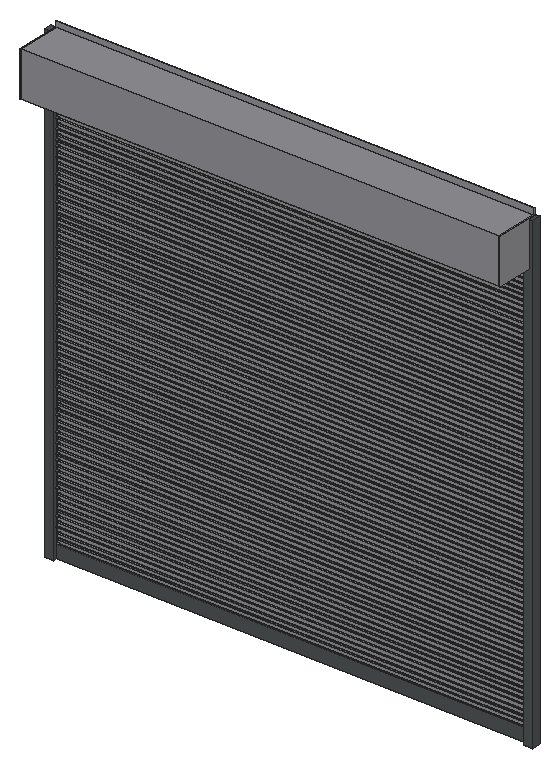
Revit family "Doors_Industrial_Overhead-Door-Corporation_Counter-Doors-650_", category Specialty Equipment, host Wall, Revit 2019
Family settings
  Host = Wall
  Round Connector Dimension = Use Diameter
  Part Type = Normal
  OmniClass Number = 23.30.10.21.34
  OmniClass Title = Industrial Doors
  Always vertical = Yes
  Cut with Voids When Loaded = Yes
  Shared = No
  Room Calculation Point = No
Parameters (values of type "‏​Manual push-up")
  Warning Sign [instance] = if(Calculated Area > 683.00 SF, 1 = 1, 1 = 2)  # no
  Warning (Note) [instance] = if(Warning Sign, "The Door Area is out of the limit; please adjust accordingly. The maximum allowed area is 683 sq. ft.", if(Opening Height > 360", "Headroom Clearance Dimensions - out of the limits. Consult Factory", " "))  # " "
  Wall Thickness [instance] = 6"
  Voltage = 0 V
  True Opening Width [instance] = if(Between Jambs Mounting, Door Width True, Clear Width)  # 120"
  True Opening Height [instance] = if(Between Jambs Mounting, Clear Height + Headroom Height, Clear Height)  # 108"
  Steel \ Stainless Steel Guide [instance] = not(Aluminum Guide)  # no
  Slat Type [instance] = "F-158"  # constant formula
  Slat Length [instance] = Clear Width + Setback  # 120 7/8"
  Slat Height [instance] = 10 41/128"  # constant formula
  Slat Center Offset [instance] = if(and(Electric Operator, Motor Option Real = 2), 1 1/16", if(Aluminum Guide, 1 1/16", 1 5/8"))  # 1 1/16"
  Slat [instance] = 1  # constant formula
  Setback [instance] = if(Between Jambs Mounting, if(and(Electric Operator, Motor Option Real = 2), 7/8" - 1/4", if(Aluminum Guide, 7/8" - 1/4", 1" - 3/8")), if(and(Electric Operator, Motor Option Real = 2), 7/8", if(Aluminum Guide, 7/8", 1")))  # 7/8"
  Product Page URL = "https://www.overheaddoor.com/counter-doors-650"
  Power Factor = 1
  Powder Coat (Note) = "PowderGuard® Premium powder coat finish options are available in approximately 200 colors as well as custom matching to specification. PowderGuard® Textured finish, a thicker, more scratch resistant coat, is available in 11 colors providing enhanced scratch resistance as well as aiding in hiding the dirt and blemishes that often occur in commercial environments.​"  # constant formula
  Operator Visibility = no
  Operation (Note) [instance] = "Standard door operation is manual push-up. Door could also operate by crank, electrical operator or chain hoist. Manual push up and crank could be used up to 80 sf."  # constant formula
  Opening Width Real [instance] = if(Opening Width > Max Opening Width, Max Opening Width, if(Opening Width < Min Opening Width, Min Opening Width, Opening Width))  # 120"
  Opening Width [instance] = 120"
  Opening Height Real [instance] = if(Opening Height > Max Opening Height, Max Opening Height, if(Opening Height < Min Opening Height, Min Opening Height, Opening Height))  # 108"
  Opening Height [instance] = 108"
  One Array element [instance] = not(Array Vis)  # no
  Number of Poles = 1
  Motor Type [instance] = if(Motor Option < 2, "CDX Electric Operator", if(Motor Option = 2, "RTM Electric Operator", "RSX Electric Operator"))  # "CDX Electric Operator"
  Motor Selection (Note) [instance] = "Generic operator shown. Contact Overhead Door when dimensions are critical. "  # constant formula
  Motor Position [instance] = if(Between Jambs Mounting, if(and(Electric Operator, Motor Option Real > 2), 2 177/256", Headplate Offset), if(and(Electric Operator, Motor Option Real > 2), 2 177/256", Headplate Offset))  # 1 5/8"
  Motor Option Real [instance] = if(Electric Operator, if(Motor Option < 1, 1, if(Motor Option > 3, 3, Motor Option)), 1)  # 1
  Motor Option [instance] = 1
  Min Opening Width [instance] = 40"  # constant formula
  Min Opening Height [instance] = 40"  # constant formula
  Max Opening Width [instance] = 240"  # constant formula
  Max Opening Height [instance] = 108"  # constant formula
  Material Finish [instance] = 650 : Standard - Gray
  Lookup Table = "Hood Dimensions"  # constant formula
  Lookup BD [instance] = if(or(Opening Height Real < 60", Opening Height Real = 60"), 9 1/2", 11 1/2")  # 11 1/2"
  Jambs Offset 2 [instance] = if(Between Jambs Mounting, Guide Width 2, 0")  # 0"
  Jamb Offset 1 [instance] = if(Between Jambs Mounting, Guide Width 1, 0")  # 0"
  Installation Real [instance] = if(Between Jambs Mounting, Installation Limits, Wall Thickness)  # 6"
  Installation Offset [instance] = 0"
  Installation Limits [instance] = if(Installation Offset < 0", 0", if(Installation Offset > Wall Thickness - Guide Depth, Wall Thickness - Guide Depth, Installation Offset))  # 0"
  Hood Type [instance] = "Square Hood"  # constant formula
  Hood Option [instance] = 2  # constant formula
  Hood Offset [instance] = 2"  # constant formula
  Hood Material [instance] = Metal - Overhead Door - Gray
  Hood Height [instance] = Headroom Height Real - Hood Offset  # 11 1/2"
  Lookup HH [instance] = if(or(Opening Height Real < 60", Opening Height Real = 60"), 9 1/2", 11 1/2")  # 11 1/2"
  Headroom Height Real [instance] = Lookup HH + Hood Offset  # 13 1/2"
  Headroom Height [instance] = if(Between Jambs Mounting, Headroom Height Real, Headroom Height Real + 1 1/2")  # 15"
  Headplate Offset [instance] = if(Guide Option = 1, 1 5/8", if(Guide Option = 2, 2 3/4", if(Guide Option = 3, 1 15/16", if(Guide Option = 4, 1 5/16", if(Guide Option = 5, 1 5/16", if(Guide Option = 6, 2 3/8", if(Guide Option = 7, 1 15/16", 2 7/16")))))))  # 1 5/8"
  Guide Type [instance] = if(Guide Option < 2, "Face of Wall Extruded Aluminum", if(Guide Option = 2, "Face of Wall Extruded Aluminum - RTM Electric Operator", if(Guide Option = 3, "Face of Wall Rolled Steel", if(Guide Option = 4, "Between Jambs Extruded Aluminum - Push Up", if(Guide Option = 5, "Between Jambs Extruded Aluminum - Crank & Electric Operator", if(Guide Option = 6, "Between Jambs Extruded Aluminum - RTM Electric Operator", if(Guide Option = 7, "Between Jambs Rolled Steel - Push-up", "Between Jambs Rolled Steel - Crank & Electric Operator")))))))  # "Face of Wall Extruded Aluminum"
  Guide Option [instance] = if(Face Of Wall Mounting, if(Aluminum Guide, if(and(Electric Operator, Motor Option = 2), 2, 1), if(and(Electric Operator, Motor Option = 2), 2, 3)), if(Aluminum Guide, if(Manual, 4, if(and(Electric Operator, Motor Option = 2), 6, 5)), if(Manual, 7, if(and(Electric Operator, Motor Option = 2), 6, 8))))  # 1
  Guide Width 2 [instance] = if(Guide Option < 2, 2 3/4", if(Guide Option = 2, 2 3/4", if(Guide Option = 3, 2 7/8", if(Guide Option = 4, 2 3/8", if(Guide Option = 5, 2 3/8", if(Guide Option = 6, 2 3/8", if(Guide Option = 7, 1 15/16", 1 15/16")))))))  # 2 3/4"
  Guide Width 1 [instance] = if(Guide Option < 2, 2 3/4", if(Guide Option = 2, 3 5/8", if(Guide Option = 3, 2 7/8", if(Guide Option = 4, 2 3/8", if(Guide Option = 5, 4 3/4", if(Guide Option = 6, 3 3/8", if(Guide Option = 7, 1 15/16", 5 5/8")))))))  # 2 3/4"
  Guide Depth [instance] = if(and(Electric Operator, Motor Option Real = 2), 2 1/8", if(Aluminum Guide, 2 1/8", 2"))  # 2 1/8"
  Frequency = 0 Hz
  Floor To CL shaft [instance] = Clear Height + Hood Height / 2 + Hood Offset  # 115 3/4"
  Face of Wall Offset [instance] = if(Between Jambs Mounting, 0", 5")  # 5"
  Face Of Wall Mounting [instance] = not(Between Jambs Mounting)  # yes
  Electric Operator = no
  Door Width True [instance] = if(Between Jambs Mounting, Clear Width + Guide Width 1 + Guide Width 2, Clear Width)  # 120"
  Door Width (Real) [instance] = if(Between Jambs Mounting, Clear Width, if(and(Electric Operator, Motor Option Real = 2), Clear Width + 3/8" * 2, if(Aluminum Guide, Clear Width + 3/8" * 2, Clear Width + 1" / 2)))  # 120 3/4"
  Door Height True [instance] = Clear Width + Headroom Height  # 135"
  Door Height (Real) [instance] = Clear Height + Hood Offset  # 110"
  URL = "https://www.overheaddoor.com/"
  Product data url = "https://www.bimobject.com/overhead-door/product/counter-doors-650"
  Product Guid = "c282057e-3d6c-4adc-834a-b2f015cb47e4"
  Model = "650"  # constant formula
  Manufacturer = "Overhead Door Corporation"  # constant formula
  Wall Closure = By host
  Floor To (CL) of Shaft [instance] = Clear Height + Hood Height / 2 + Hood Offset + Default Elevation Height + Countertop Thickness Real  # 151 3/4"
  Finish Material = Finish - Overhead Door - Black
  Description = "Model 650 Rolling Counter Door"  # constant formula
  Default Elevation Height [instance] = 36"
  Crank = no
  Countertop Thickness Real [instance] = if(Countertop Thickness < 0", 0", if(Countertop Thickness > 12", 12", Countertop Thickness))  # 0"
  Countertop Thickness [instance] = 0"
  Clear Width [instance] = if(Between Jambs Mounting, Opening Width Real - Guide Width 2 - Guide Width 1, Opening Width Real)  # 120"
  Clear Height [instance] = if(Between Jambs Mounting, Opening Height Real - Headroom Height, Opening Height Real)  # 108"
  Manual = yes
  Current = 0 A
  Connector Array Distance = 0"  # constant formula
  Connector Array = if(Manual, 2, 3)  # 2
  Between Jambs Mounting [instance] = no
  Bar [instance] = 1 = 1  # yes
  Backroom Depth [instance] = Lookup BD  # 11 1/2"
  BJ Opening Cut [instance] = if(Between Jambs Mounting, Headroom Height, 0")  # 0"
  Array Vis [instance] = if(Array < 2, 1 = 2, 1 = 1)  # yes
  Array Real [instance] = if(Array < 2, 2, Array)  # 11
  Array Length [instance] = (Array) * Slat Height  # 113 67/128"
  Array [instance] = rounddown(([Door Height (Real)] - 3 1/2") / Slat Height) + 1  # 11
  Calculated Area [instance] = [Door Width (Real)] * [Door Height (Real)]  # 92.2396 SF
  Apparent Load Phase 3 = if(Number of Poles = 1, 0 VA, (Voltage * Current * sqrt(3)) / 3)  # 0 VA
  Apparent Load Phase 2 = if(Number of Poles = 1, 0 VA, (Voltage * Current * sqrt(3)) / 3)  # 0 VA
  Apparent Load Phase 1 = if(Number of Poles = 1, Voltage * Current, (Voltage * Current * sqrt(3)) / 3)  # 0 VA
  Aluminum Guide [instance] = yes
Reference planes (in)
  plane 1 "Center (Front/Back)": y = -14.625
  plane 2 "Center (Left/Right)": x = 0
  plane 3 "Left": x = -60
  plane 4 "Right": x = 60
  plane 5 "Exterior": y = -8.625
  plane 6 "Interior": y = -14.625
  plane 7: z = 144
  plane 8 "Backroom Depth": y = -26.125
  plane 9 "Bottom Bar": z = 39.5
  plane 10: z = 153.02344
  plane 11: z = 157.5
  plane 12: z = 146
  plane 13: z = 159
  plane 14: z = 0
  plane 15: z = 90
  plane 16: y = -15.9375
  plane 17: y = 18.375
  plane 18: y = -41.625
  plane 19 "Headroom Top": z = 159
  plane 20: z = 151.75
  plane 21: z = 142.70312
  plane 22: z = 36
  plane 23: x = 62.75
  plane 24: x = -62.75
  plane 25: y = -15.6875
  plane 26: x = 61.625
  plane 27: z = 36
  plane 28: y = -15.9375
  plane 29: z = 39.5
  plane 30: y = -15.9375
  plane 31: z = 142.70312
  plane 32: y = -15.9375
  plane 33: z = 49.82031
  plane 34: y = -15.9375
  plane 35: z = 60.14062
  plane 36: y = -15.9375
  plane 37: z = 70.46094
  plane 38: y = -15.9375
  plane 39: z = 80.78125
  plane 40: y = -15.9375
  plane 41: z = 91.10156
  plane 42: y = -15.9375
  plane 43: z = 101.42187
  plane 44: y = -15.9375
  plane 45: z = 111.74219
  plane 46: y = -15.9375
  plane 47: z = 122.0625
  plane 48: y = -15.9375
  plane 49: z = 132.38281
Forms (in)
  Extrusion 1, void
    sketch origin (0, -20.625, 0) x (0, 0, -1) y (-1, 0, 0)
      loop
        line (-144, 60) -> (-144, -60) -> (-36, -60) -> (-36, 60) -> (-144, 60)
    from 6 to 12
Text (in)
  text "Exterior" at (-74.96733, 27.31104, 0), in view "Ref. Level"
  text "Interior" at (-74.96733, -25.14366, 0), in view "Ref. Level"
  text "Exterior" at (0, 40.15149, 123.01588), in view "Right"
  text "Interior" at (0, -64.39139, 123.01588), in view "Right"
  text "Interior" at (0, -31.01599, 123.00693), in view "Left"
  text "Exterior" at (0, 54.57065, 123.00693), in view "Left"
Dimensions and locks (in)
  equal spacing: plane 3 "Left", plane 2 "Center (Left/Right)", plane 4 "Right"
  "Clear Width": plane 3 "Left" to plane 4 "Right"
  level to host wall = 459.59655"
  "Array Length": plane 10 to plane 9 "Bottom Bar"
  "Backroom Depth": plane 8 "Backroom Depth" to plane 1 "Center (Front/Back)"
  "Hood Height": plane 11 to plane 12
  locked: plane 13 to plane 11 at 1.5
  "Installation Real": plane 1 "Center (Front/Back)" to plane 5 "Exterior"
  "Wall Thickness": host wall to host wall
  equal spacing: plane 17, host wall, plane 18
  locked: plane 17 to plane 18 at 60
  "BJ Opening Cut": Extrusion 1 sketch curve to plane 7
  "Hood Offset": plane 12 to plane 7
  "Headroom Height": plane 19 "Headroom Top" to plane 7
  "Floor To (CL) of Shaft": plane 20 to level
  "Jamb Offset 1": plane 4 "Right" to Extrusion 1 sketch curve
  "Jambs Offset 2": Extrusion 1 sketch curve to plane 3 "Left"
  "Slat Height": plane 10 to plane 21
  equal spacing: group 1, group 3, group 4, group 5, group 6, group 7, group 8, group 9, group 10, group 11, group 2  (x3)
  equal spacing: plane 7, plane 15, plane 22
  "Clear Height": plane 7 to plane 22
  locked: plane 9 "Bottom Bar" to plane 22 at 3.5
  "Guide Width 1": plane 4 "Right" to plane 23
  "Guide Width 2": plane 24 to plane 3 "Left"
  plane 24 to plane 23 = 125 1/2"
  "Slat Center Offset": plane 25 to plane 1 "Center (Front/Back)"
  locked: plane 16 to plane 25 at 0.25
  "Motor Position": plane 4 "Right" to plane 26
  "Default Elevation Height": plane 27 to plane 14
  "Countertop Thickness Real": plane 22 to plane 27
  aligned and locked: plane 5 "Exterior" to host wall
  aligned and locked: host wall to plane 6 "Interior"
  aligned and locked: Extrusion 1 to plane 5 "Exterior"
  aligned and locked: Extrusion 1 to plane 6 "Interior"
  aligned and locked: level to plane 14
  aligned and locked: plane 2 "Center (Left/Right)" to nested 1
  aligned and locked: nested 1 to plane 17
  aligned and locked: plane 18 to nested 2
  aligned and locked: nested 2 to plane 2 "Center (Left/Right)"
  aligned and locked: nested 3 to plane 15
  aligned and locked: plane 2 "Center (Left/Right)" to nested 3
  aligned and locked: plane 9 "Bottom Bar" to nested 5
  aligned and locked: nested 5 to plane 16
  aligned and locked: nested 3 to plane 16
  aligned and locked: plane 2 "Center (Left/Right)" to nested 15
  aligned and locked: plane 1 "Center (Front/Back)" to nested 15
  aligned and locked: plane 26 to nested 16
  aligned and locked: plane 11 to nested 16
  aligned and locked: nested 16 to plane 5 "Exterior"
  aligned and locked: Extrusion 1 sketch curve to plane 27
  aligned and locked: plane 9 "Bottom Bar" to plane 29
  aligned and locked: plane 28 to plane 16
  aligned and locked: plane 21 to plane 31
  aligned and locked: plane 30 to plane 16
Nested families (in)
  nested 1: "Label Annotation 1" at (0, 18.375, 0), visible <- "Warning Sign", type "Label Annotation 1"
  nested 2: "Label Annotation 1" at (0, -41.625, 0) x (-1, 0, 0) z (0, 0, 1), visible <- "Warning Sign", type "Label Annotation 1"
  nested 3: "Warning Sign" at (0, -15.9375, 90), visible <- "Warning Sign", type "Warning Sign"
    with Warning Sign no
  nested 4: "650" at (0, -15.937, 39.5), Opening Width <- "Slat Length", type <- "Material Finish", visible <- "Array Vis", type "Standard - Gray"
    with Void Offset 1", Void Height 1", Slat Width 1/2", Slat Position + Offset 9.57", Slat Position 9.03", Slat Option 1, Opening Width 120 7/8", Integrated Cutout no, F-158 yes, F 265, FE 265 no, Cutout Width Offset 1", Cutout Vertical Offset 0.54", Cutout Horizontal Offset 1", C 275 no
  nested 5: "650" at (0, -15.9375, 39.5), visible <- "One Array element", Opening Width <- "Slat Length", type <- "Material Finish", type "Standard - Gray"
    with Void Offset 1", Void Height 1", Slat Width 1/2", Slat Position + Offset 9.57", Slat Position 9.03", Slat Option 1, Opening Width 120 7/8", Integrated Cutout no, F-158 yes, F 265, FE 265 no, Cutout Width Offset 1", Cutout Vertical Offset 0.54", Cutout Horizontal Offset 1", C 275 no
  nested 6: "650" at (0, -15.937, 142.70312), Opening Width <- "Slat Length", type <- "Material Finish", visible <- "Array Vis", type "Standard - Gray"
    with Void Offset 1", Void Height 1", Slat Width 1/2", Slat Position + Offset 9.57", Slat Position 9.03", Slat Option 1, Opening Width 120 7/8", Integrated Cutout no, F-158 yes, F 265, FE 265 no, Cutout Width Offset 1", Cutout Vertical Offset 0.54", Cutout Horizontal Offset 1", C 275 no
  nested 7: "650" at (0, -15.937, 49.82031), Opening Width <- "Slat Length", type <- "Material Finish", visible <- "Array Vis", type "Standard - Gray"
    with Void Offset 1", Void Height 1", Slat Width 1/2", Slat Position + Offset 9.57", Slat Position 9.03", Slat Option 1, Opening Width 120 7/8", Integrated Cutout no, F-158 yes, F 265, FE 265 no, Cutout Width Offset 1", Cutout Vertical Offset 0.54", Cutout Horizontal Offset 1", C 275 no
  nested 8: "650" at (0, -15.937, 60.14062), Opening Width <- "Slat Length", type <- "Material Finish", visible <- "Array Vis", type "Standard - Gray"
    with Void Offset 1", Void Height 1", Slat Width 1/2", Slat Position + Offset 9.57", Slat Position 9.03", Slat Option 1, Opening Width 120 7/8", Integrated Cutout no, F-158 yes, F 265, FE 265 no, Cutout Width Offset 1", Cutout Vertical Offset 0.54", Cutout Horizontal Offset 1", C 275 no
  nested 9: "650" at (0, -15.937, 70.46094), Opening Width <- "Slat Length", type <- "Material Finish", visible <- "Array Vis", type "Standard - Gray"
    with Void Offset 1", Void Height 1", Slat Width 1/2", Slat Position + Offset 9.57", Slat Position 9.03", Slat Option 1, Opening Width 120 7/8", Integrated Cutout no, F-158 yes, F 265, FE 265 no, Cutout Width Offset 1", Cutout Vertical Offset 0.54", Cutout Horizontal Offset 1", C 275 no
  nested 10: "650" at (0, -15.937, 80.78125), Opening Width <- "Slat Length", type <- "Material Finish", visible <- "Array Vis", type "Standard - Gray"
    with Void Offset 1", Void Height 1", Slat Width 1/2", Slat Position + Offset 9.57", Slat Position 9.03", Slat Option 1, Opening Width 120 7/8", Integrated Cutout no, F-158 yes, F 265, FE 265 no, Cutout Width Offset 1", Cutout Vertical Offset 0.54", Cutout Horizontal Offset 1", C 275 no
  nested 11: "650" at (0, -15.937, 91.10156), Opening Width <- "Slat Length", type <- "Material Finish", visible <- "Array Vis", type "Standard - Gray"
    with Void Offset 1", Void Height 1", Slat Width 1/2", Slat Position + Offset 9.57", Slat Position 9.03", Slat Option 1, Opening Width 120 7/8", Integrated Cutout no, F-158 yes, F 265, FE 265 no, Cutout Width Offset 1", Cutout Vertical Offset 0.54", Cutout Horizontal Offset 1", C 275 no
  nested 12: "650" at (0, -15.937, 101.42187), Opening Width <- "Slat Length", type <- "Material Finish", visible <- "Array Vis", type "Standard - Gray"
    with Void Offset 1", Void Height 1", Slat Width 1/2", Slat Position + Offset 9.57", Slat Position 9.03", Slat Option 1, Opening Width 120 7/8", Integrated Cutout no, F-158 yes, F 265, FE 265 no, Cutout Width Offset 1", Cutout Vertical Offset 0.54", Cutout Horizontal Offset 1", C 275 no
  nested 13: "650" at (0, -15.937, 111.74219), Opening Width <- "Slat Length", type <- "Material Finish", visible <- "Array Vis", type "Standard - Gray"
    with Void Offset 1", Void Height 1", Slat Width 1/2", Slat Position + Offset 9.57", Slat Position 9.03", Slat Option 1, Opening Width 120 7/8", Integrated Cutout no, F-158 yes, F 265, FE 265 no, Cutout Width Offset 1", Cutout Vertical Offset 0.54", Cutout Horizontal Offset 1", C 275 no
  nested 14: "650" at (0, -15.937, 122.0625), Opening Width <- "Slat Length", type <- "Material Finish", visible <- "Array Vis", type "Standard - Gray"
    with Void Offset 1", Void Height 1", Slat Width 1/2", Slat Position + Offset 9.57", Slat Position 9.03", Slat Option 1, Opening Width 120 7/8", Integrated Cutout no, F-158 yes, F 265, FE 265 no, Cutout Width Offset 1", Cutout Vertical Offset 0.54", Cutout Horizontal Offset 1", C 275 no
  nested 15: "Lifts" at (0, -14.625, 36) x (-1, 0, 0) z (0, 0, 1), type "Frame Unit"
    with Floor To (CL) of Shaft 115 3/4", Headroom Height 13 1/2", Header Width 11 1/2"
  nested 16: "Motor" at (58.6355, -26.125, 146), visible <- "Operator Visibility", type "Trolley Motor"
  nested 17: "650" at (0, -15.937, 132.38281), Opening Width <- "Slat Length", type <- "Material Finish", visible <- "Array Vis", type "Standard - Gray"
    with Void Offset 1", Void Height 1", Slat Width 1/2", Slat Position + Offset 9.57", Slat Position 9.03", Slat Option 1, Opening Width 120 7/8", Integrated Cutout no, F-158 yes, F 265, FE 265 no, Cutout Width Offset 1", Cutout Vertical Offset 0.54", Cutout Horizontal Offset 1", C 275 no
Connectors (in)
  electrical at (61.625, -20.375, 151.75), driven by "Apparent Load Phase 1", driven by "Power Factor", driven by "Apparent Load Phase 3", driven by "Apparent Load Phase 2", driven by "Voltage", driven by "Number of Poles"
    settings: on nested 16, index 1, voltage 0 V, apparent load 0 VA, apparent load phase1 0 VA, apparent load phase2 0 VA, apparent load phase3 0 VA, power factor 1, load classification "Other", number of poles 1, system type 31, power factor state 1, is connector primary yes, connector utility no, sub classification motor no, connector description "Electrical Connector"
Definition of nested family "650"
  Parameters (values of type "Perforated - Gray")
    Void Offset [instance] = if(Integrated Cutout, 0", 1")  # 1"
    Void Height [instance] = 1"  # constant formula
    Standard = no
    Slat Width [instance] = 1/2"  # constant formula
    Slat Position + Offset [instance] = Slat Position + Cutout Vertical Offset  # 9.57"
    Slat Position [instance] = 1.29" * 7  # 9.03"
    Slat Option [instance] = 1
    Rough Height = 0"
    Perforation = no
    Fenestration Small = no
    Fenestration Large = 1 = 2  # no
    Cutout Width Offset [instance] = 1"  # constant formula
    Cutout Material 2 = none
    Cutout Horizontal Offset [instance] = 1"  # constant formula
    Cutout Material = none
    Panel Material = none
    Opening Width [instance] = 123 5/8"
    Cutout Vertical Offset [instance] = 0.54"  # constant formula
    F 265, FE 265 [instance] = 1 = 2  # no
    Default Elevation = 48"
    Integrated Cutout [instance] = if(or(Perforation, Fenestration Small), 1 = 1, 1 = 2)  # no
    C 275 [instance] = 1 = 2  # no
    F-158 [instance] = 1 = 1  # yes
    Analytic Construction = "<None>"
  Types (7): name | Void Offset | Standard | Fenestration Small | Integrated Cutout
    Standard - Tan | 1" | yes | no | no
    Standard - Gray | 1" | yes | no | no
    Perforated - Gray | 1" | no | no | no
    Fenestration 0.625”x3” - Gray | 0" | no | yes | yes
    Fenestration 0.625”x3” - Tan | 0" | no | yes | yes
    Vision lites 0.625”x3” - Tan | 0" | no | yes | yes
    Vision lites 0.625”x3” - Gray | 0" | no | yes | yes
  Reference planes (in)
    plane 1 "Center (Front/Back)": y = 0
    plane 2: z = 0
    plane 3 "Center (Left/Right)": x = 0
    plane 4: x = -61.8125
    plane 5: x = 61.8125
    plane 6: y = 0.5
    plane 7: y = 0
    plane 8: y = 0.25
    plane 9: y = 0.47
    plane 10: x = -60.8125
    plane 11: x = 60.8125
  Forms (in)
    Extrusion 1, solid, material <- "Panel Material", visible <- "F-158"
      sketch origin (0, -4.98186, 13.12534) x (0, 1, 0) y (0, 0, 1)
        loop
          arc (5.40186, -13.23015) -> (5.45843, -13.20672) -> (5.48186, -13.15015) r 0.08
          line (5.48186, -13.15015) -> (5.48186, -12.01975)
          arc (5.48186, -12.01975) -> (5.45843, -11.96318) -> (5.40186, -11.94015) r 0.08
          arc (5.40186, -11.94015) -> (5.45843, -11.91672) -> (5.48186, -11.86015) r 0.08
          line (5.48186, -11.86015) -> (5.48186, -10.72975)
          arc (5.48186, -10.72975) -> (5.45843, -10.67318) -> (5.40186, -10.65015) r 0.08
          arc (5.40186, -10.65015) -> (5.45843, -10.62672) -> (5.48186, -10.57015) r 0.08
          line (5.48186, -10.57015) -> (5.48186, -9.43975)
          arc (5.48186, -9.43975) -> (5.45843, -9.38318) -> (5.40186, -9.36015) r 0.08
          arc (5.40186, -9.36015) -> (5.45843, -9.33672) -> (5.48186, -9.28015) r 0.08
          line (5.48186, -9.28015) -> (5.48186, -8.14975)
          arc (5.48186, -8.14975) -> (5.45843, -8.09318) -> (5.40186, -8.07015) r 0.08
          arc (5.40186, -8.07015) -> (5.45843, -8.04672) -> (5.48186, -7.99015) r 0.08
          line (5.48186, -7.99015) -> (5.48186, -6.85975)
          arc (5.48186, -6.85975) -> (5.45843, -6.80318) -> (5.40186, -6.78015) r 0.08
          arc (5.40186, -6.78015) -> (5.45843, -6.75672) -> (5.48186, -6.70015) r 0.08
          line (5.48186, -6.70015) -> (5.48186, -5.56975)
          arc (5.48186, -5.56975) -> (5.45843, -5.51318) -> (5.40186, -5.49015) r 0.08
          arc (5.40186, -5.49015) -> (5.45843, -5.46672) -> (5.48186, -5.41015) r 0.08
          line (5.48186, -5.41015) -> (5.48186, -4.27975)
          arc (5.48186, -4.27975) -> (5.45843, -4.22318) -> (5.40186, -4.20015) r 0.08
          arc (5.40186, -4.20015) -> (5.45843, -4.17672) -> (5.48186, -4.12015) r 0.08
          line (5.48186, -4.12015) -> (5.48186, -2.98975)
          arc (5.48186, -2.98975) -> (5.45843, -2.93318) -> (5.40186, -2.90975) r 0.08
          line (5.40186, -2.90975) -> (5.22937, -2.90975)
          arc (5.22937, -2.90975) -> (5.05999, -2.70129) -> (5.06854, -2.96975) r 0.14173
          line (5.06854, -2.96975) -> (5.38631, -2.96975)
          arc (5.38631, -2.96975) -> (5.41145, -2.98016) -> (5.42186, -3.0053) r 0.03555
          line (5.42186, -3.0053) -> (5.42186, -4.11914)
          arc (5.42186, -4.11914) -> (5.41437, -4.13549) -> (5.39767, -4.14216) r 0.02421
          line (5.39767, -4.14216) -> (5.18922, -4.14216)
          arc (5.18922, -4.14216) -> (4.99446, -4.11507) -> (5.12739, -4.25997) r 0.10448
          line (5.12739, -4.25997) -> (5.40191, -4.25997)
          arc (5.40191, -4.25997) -> (5.41598, -4.26579) -> (5.4218, -4.27986) r 0.01989
          line (5.4218, -4.27986) -> (5.4218, -5.41015)
          arc (5.4218, -5.41015) -> (5.41596, -5.42428) -> (5.40183, -5.43013) r 0.01997
          line (5.40183, -5.43013) -> (5.18937, -5.43013)
          arc (5.18937, -5.43013) -> (4.99364, -5.40454) -> (5.12735, -5.54975) r 0.105
          line (5.12735, -5.54975) -> (5.40186, -5.54975)
          arc (5.40186, -5.54975) -> (5.416, -5.55561) -> (5.42186, -5.56975) r 0.02
          line (5.42186, -5.56975) -> (5.42186, -6.70015)
          arc (5.42186, -6.70015) -> (5.416, -6.71429) -> (5.40186, -6.72015) r 0.02
          line (5.40186, -6.72015) -> (5.18937, -6.72015)
          arc (5.18937, -6.72015) -> (4.99365, -6.69454) -> (5.12735, -6.83975) r 0.105
          line (5.12735, -6.83975) -> (5.40186, -6.83975)
          arc (5.40186, -6.83975) -> (5.416, -6.84561) -> (5.42186, -6.85975) r 0.02
          line (5.42186, -6.85975) -> (5.42186, -7.99015)
          arc (5.42186, -7.99015) -> (5.416, -8.00429) -> (5.40186, -8.01015) r 0.02
          line (5.40186, -8.01015) -> (5.18937, -8.01015)
          arc (5.18937, -8.01015) -> (4.99364, -7.98454) -> (5.12735, -8.12975) r 0.105
          line (5.12735, -8.12975) -> (5.40186, -8.12975)
          arc (5.40186, -8.12975) -> (5.416, -8.13561) -> (5.42186, -8.14975) r 0.02
          line (5.42186, -8.14975) -> (5.42186, -9.28015)
          arc (5.42186, -9.28015) -> (5.416, -9.29429) -> (5.40186, -9.30015) r 0.02
          line (5.40186, -9.30015) -> (5.18937, -9.30015)
          arc (5.18937, -9.30015) -> (4.99364, -9.27454) -> (5.12735, -9.41975) r 0.105
          line (5.12735, -9.41975) -> (5.40186, -9.41975)
          arc (5.40186, -9.41975) -> (5.416, -9.42561) -> (5.42186, -9.43975) r 0.02
          line (5.42186, -9.43975) -> (5.42186, -10.57015)
          arc (5.42186, -10.57015) -> (5.416, -10.58429) -> (5.40186, -10.59015) r 0.02
          line (5.40186, -10.59015) -> (5.18937, -10.59015)
          arc (5.18937, -10.59015) -> (4.99364, -10.56454) -> (5.12735, -10.70975) r 0.105
          line (5.12735, -10.70975) -> (5.40186, -10.70975)
          arc (5.40186, -10.70975) -> (5.416, -10.71561) -> (5.42186, -10.72975) r 0.02
          line (5.42186, -10.72975) -> (5.42186, -11.86015)
          arc (5.42186, -11.86015) -> (5.416, -11.87429) -> (5.40186, -11.88015) r 0.02
          line (5.40186, -11.88015) -> (5.18937, -11.88015)
          arc (5.18937, -11.88015) -> (4.99364, -11.85454) -> (5.12735, -11.99975) r 0.105
          line (5.12735, -11.99975) -> (5.40186, -11.99975)
          arc (5.40186, -11.99975) -> (5.416, -12.00561) -> (5.42186, -12.01975) r 0.02
          line (5.42186, -12.01975) -> (5.42186, -13.15015)
          arc (5.42186, -13.15015) -> (5.416, -13.16429) -> (5.40186, -13.17015) r 0.02
          line (5.40186, -13.17015) -> (5.18153, -13.17015)
          arc (5.18153, -13.17015) -> (5.03054, -13.03641) -> (5.08666, -13.23015) r 0.105
          line (5.08666, -13.23015) -> (5.40186, -13.23015)
      from -61.8125 to 61.8125
    Extrusion 2, void
      sketch origin (0, 0, 0) x (0, 1, 0) y (0, 0, 1)
        loop
          line (1.44, 1.04) -> (1.44, 0.04) -> (1.5, 0.04) -> (1.5, 1.04) -> (1.44, 1.04)
        loop
          line (1.44, 2.33) -> (1.44, 1.33) -> (1.5, 1.33) -> (1.5, 2.33) -> (1.44, 2.33)
        loop
          line (1.44, 3.62) -> (1.44, 2.62) -> (1.5, 2.62) -> (1.5, 3.62) -> (1.44, 3.62)
        loop
          line (1.44, 4.91) -> (1.44, 3.91) -> (1.5, 3.91) -> (1.5, 4.91) -> (1.44, 4.91)
        loop
          line (1.44, 6.2) -> (1.44, 5.2) -> (1.5, 5.2) -> (1.5, 6.2) -> (1.44, 6.2)
        loop
          line (1.44, 7.49) -> (1.44, 6.49) -> (1.5, 6.49) -> (1.5, 7.49) -> (1.44, 7.49)
        loop
          line (1.44, 8.78) -> (1.44, 7.78) -> (1.5, 7.78) -> (1.5, 8.78) -> (1.44, 8.78)
        loop
          line (1.44, 10.07) -> (1.44, 9.07) -> (1.5, 9.07) -> (1.5, 10.07) -> (1.44, 10.07)
      from -60.8125 to 60.8125
  Cuts and joins
    Extrusion 2 cuts Extrusion 1
  Lines and regions (in)
    reference lines
      curve 1: line (0, -4.98186, 12.78) -> (0, 9.9577, 12.78)
      curve 2: line (0, -2.86663, 9.57) -> (0, 7.60337, 9.57)
      curve 3: line (0, -2.86663, 5.7) -> (0, 7.60337, 5.7)
      curve 4: line (0, -2.86663, 4.41) -> (0, 7.60337, 4.41)
      curve 5: line (0, -2.86663, 3.12) -> (0, 7.60337, 3.12)
      curve 6: line (0, -2.86663, 0.54) -> (0, 7.60337, 0.54)
      curve 7: line (0, -2.86663, 1.83) -> (0, 7.60337, 1.83)
      curve 8: line (0, -2.86663, 6.99) -> (0, 7.60337, 6.99)
      curve 9: line (0, -2.86663, 8.28) -> (0, 7.60337, 8.28)
  Dimensions and locks (in)
    equal spacing: plane 4, plane 3 "Center (Left/Right)", plane 5
    "Opening Width": plane 4 to plane 5
    "Slat Width": plane 1 "Center (Front/Back)" to plane 6
    equal spacing: plane 1 "Center (Front/Back)", plane 8, plane 6
    locked: plane 9 to plane 6 at 0.03
    "Cutout Width Offset": plane 4 to plane 10
    "Cutout Width Offset": plane 5 to plane 11
    "Void Height": Extrusion 2 sketch curve to Extrusion 2 sketch curve  (x8)
    locked: Extrusion 2 sketch curve to Extrusion 2 sketch curve at 0.06  (x8)
    "Void Offset": plane 6 to Extrusion 2 sketch curve
    locked: curve 1 to level at 12.78
    "Slat Position": curve 6 to curve 2
    equal spacing: Extrusion 2 sketch curve, curve 3, Extrusion 2 sketch curve
    equal spacing: Extrusion 2 sketch curve, curve 4, Extrusion 2 sketch curve
    equal spacing: Extrusion 2 sketch curve, curve 6, Extrusion 2 sketch curve
    equal spacing: Extrusion 2 sketch curve, curve 5, Extrusion 2 sketch curve
    equal spacing: Extrusion 2 sketch curve, curve 7, Extrusion 2 sketch curve
    "Cutout Vertical Offset": curve 6 to plane 2
    equal spacing: curve 6, curve 7, curve 5, curve 4, curve 3, curve 8, curve 9, curve 2
    equal spacing: Extrusion 2 sketch curve, curve 9, Extrusion 2 sketch curve
    equal spacing: Extrusion 2 sketch curve, curve 8, Extrusion 2 sketch curve
    equal spacing: Extrusion 2 sketch curve, curve 2, Extrusion 2 sketch curve
    aligned and locked: plane 2 to level
    aligned and locked: plane 1 "Center (Front/Back)" to plane 7
    aligned and locked: plane 5 to Extrusion 1
    aligned and locked: plane 4 to Extrusion 1
    aligned and locked: plane 9 to nested 1
    aligned and locked: plane 3 "Center (Left/Right)" to nested 1
    aligned and locked: Extrusion 2 sketch curve to Extrusion 2 sketch curve  (x7)
    aligned and locked: plane 10 to Extrusion 2
    aligned and locked: plane 11 to Extrusion 2
    aligned and locked: plane 3 "Center (Left/Right)" to nested 2
    aligned and locked: plane 3 "Center (Left/Right)" to nested 3
    aligned and locked: plane 3 "Center (Left/Right)" to nested 4
    aligned and locked: plane 3 "Center (Left/Right)" to nested 5
    aligned and locked: plane 9 to nested 2
    aligned and locked: plane 9 to nested 3
    aligned and locked: plane 9 to nested 4
    aligned and locked: plane 9 to nested 5
    aligned and locked: plane 9 to nested 6
    aligned and locked: plane 9 to nested 7
    aligned and locked: plane 9 to nested 8
    aligned and locked: nested 8 to curve 2
    aligned and locked: nested 7 to curve 9
    aligned and locked: nested 6 to curve 8
    aligned and locked: plane 3 "Center (Left/Right)" to nested 8
    aligned and locked: plane 3 "Center (Left/Right)" to nested 7
    aligned and locked: plane 3 "Center (Left/Right)" to nested 6
  Automatic sketch dimensions
    plane 1 "Center (Front/Back)" to curve 1 = 4.98186"
    plane 1 "Center (Front/Back)" to curve 9 = 2.86663"
    curve 2 to curve 9 = 0"
    plane 1 "Center (Front/Back)" to curve 7 = 2.86663"
    curve 3 to curve 9 = 0"
    curve 6 to curve 7 = 0"
    curve 4 to curve 3 = 0"  (x2)
    curve 8 to curve 3 = 0"  (x2)
    curve 5 to curve 4 = 0"  (x2)
    curve 3 to plane 6 = 7.10337"
    curve 6 to curve 3 = 0"
    curve 2 to curve 3 = 0"
    curve 7 to curve 6 = 0"
    curve 9 to curve 8 = 0"
    curve 2 to curve 1 = 2.35433"
    Extrusion 1 sketch curve to Extrusion 1 sketch curve = 0"  (x30)
    Extrusion 1 sketch curve to plane 6 = 0"  (x8)
    plane 9 to Extrusion 1 sketch curve = 0.03"  (x7)
    plane 9 to Extrusion 1 sketch curve = 0.03006"
    Extrusion 1 sketch curve to Extrusion 1 sketch curve = 0.02419"
    Extrusion 1 sketch curve to Extrusion 1 sketch curve = 0.01989"
    Extrusion 1 sketch curve to Extrusion 1 sketch curve = 0.02"  (x11)
    plane 9 to Extrusion 1 sketch curve = 0.05"  (x2)
    Extrusion 1 sketch curve to Extrusion 1 sketch curve = 0.00419"
    Extrusion 1 sketch curve to Extrusion 1 sketch curve = 0.00005"
    Extrusion 1 sketch curve to Extrusion 1 sketch curve = 0.01994"
    Extrusion 1 sketch curve to Extrusion 1 sketch curve = 0.00003"
    Extrusion 1 sketch curve to Extrusion 1 sketch curve = 0.01555"  (x2)
    plane 8 to Extrusion 1 sketch curve = 0.04249"  (x6)
    plane 8 to Extrusion 1 sketch curve = 0.04264"
    plane 8 to Extrusion 1 sketch curve = 0.05033"
    plane 8 to Extrusion 1 sketch curve = 0.10447"
    plane 8 to Extrusion 1 sketch curve = 0.10451"  (x6)
    Extrusion 1 sketch curve to Extrusion 1 sketch curve = 0.04042"
    Extrusion 1 sketch curve to plane 1 "Center (Front/Back)" = 0.105"  (x4)
    Extrusion 1 sketch curve to Extrusion 1 sketch curve = 0.04049"
    Extrusion 1 sketch curve to Extrusion 1 sketch curve = 0.10251"
    level to Extrusion 1 sketch curve = 0.0002"
    Extrusion 1 sketch curve to plane 1 "Center (Front/Back)" = 0.1048"
    level to Extrusion 1 sketch curve = 1.10559"
    Extrusion 1 sketch curve to Extrusion 1 sketch curve = 0.09688"  (x6)
    Extrusion 1 sketch curve to Extrusion 1 sketch curve = 1.13039"  (x5)
    Extrusion 1 sketch curve to Extrusion 1 sketch curve = 0.01997"
    Extrusion 1 sketch curve to Extrusion 1 sketch curve = 1.13029"
    Extrusion 1 sketch curve to Extrusion 1 sketch curve = 0.00011"
    Extrusion 1 sketch curve to Extrusion 1 sketch curve = 0.09634"
    Extrusion 1 sketch curve to Extrusion 1 sketch curve = 0.02202"
    Extrusion 1 sketch curve to Extrusion 1 sketch curve = 0.001"
    Extrusion 1 sketch curve to Extrusion 1 sketch curve = 1.11265"
    Extrusion 1 sketch curve to Extrusion 1 sketch curve = 0.07567"
    plane 8 to Extrusion 1 sketch curve = 0.00249"
    Extrusion 1 sketch curve to plane 1 "Center (Front/Back)" = 0.08668"
  Nested families (in)
    nested 1: "Perforation" at (0, 0.47, 0.54), visible <- "Integrated Cutout", type "Perforation"
      with Offset 1"
    nested 2: "Perforation" at (0, 0.47, 1.83), visible <- "Integrated Cutout", type "Perforation"
      with Offset 1"
    nested 3: "Perforation" at (0, 0.47, 3.12), visible <- "Integrated Cutout", type "Perforation"
      with Offset 1"
    nested 4: "Perforation" at (0, 0.47, 4.41), visible <- "Integrated Cutout", type "Perforation"
      with Offset 1"
    nested 5: "Perforation" at (0, 0.47, 5.7), visible <- "Integrated Cutout", type "Perforation"
      with Offset 1"
    nested 6: "Perforation" at (0, 0.47, 6.99), visible <- "Integrated Cutout", type "Perforation"
      with Offset 1"
    nested 7: "Perforation" at (0, 0.47, 8.28), visible <- "Integrated Cutout", type "Perforation"
      with Offset 1"
    nested 8: "Perforation" at (0, 0.47, 9.57), visible <- "Integrated Cutout", type "Perforation"
      with Offset 1"
  Definition of nested family "Perforation"
    Parameters (values of type "Perforation")
      Perforation = none
      Opening Width = 123 5/8"
      Offset = 2"
      Height = 1"
      Default Elevation = 48"
    Reference planes (in)
      plane 1 "Center (Front/Back)": y = 0
      plane 2: z = 0
      plane 3 "Center (Left/Right)": x = 0
      plane 4: z = 0.5
      plane 5: z = -0.5
      plane 6: y = -0.03
      plane 7: y = 0.03
      plane 8: x = -61.8125
      plane 9: x = 61.8125
      plane 10: x = -59.8125
      plane 11: x = 59.8125
    Forms (in)
      Extrusion 1, solid, material <- "Perforation"
        sketch origin (0, -0.19, 0) x (0, 1, 0) y (0, 0, 1)
          loop
            line (0.16, 0.5) -> (0.16, -0.5) -> (0.22, -0.5) -> (0.22, 0.5) -> (0.16, 0.5)
        from -59.8125 to 59.8125
    Dimensions and locks (in)
      equal spacing: plane 4, level, plane 5
      "Height": plane 4 to plane 5
      equal spacing: plane 6, plane 1 "Center (Front/Back)", plane 7
      locked: plane 6 to plane 7 at 0.06
      "Opening Width": plane 8 to plane 9
      "Offset": plane 8 to plane 10
      "Offset": plane 9 to plane 11
      equal spacing: plane 8, plane 3 "Center (Left/Right)", plane 9
      aligned and locked: plane 2 to level
      aligned and locked: plane 4 to Extrusion 1
      aligned and locked: Extrusion 1 to plane 5
      aligned and locked: plane 6 to Extrusion 1
      aligned and locked: plane 7 to Extrusion 1
      aligned and locked: Extrusion 1 to plane 10
      aligned and locked: plane 11 to Extrusion 1
    Automatic sketch dimensions
      Extrusion 1 sketch curve to level = 1/2"
      plane 1 "Center (Front/Back)" to Extrusion 1 sketch curve = 0.03"
      Extrusion 1 sketch curve to plane 1 "Center (Front/Back)" = 0.03"
      plane 4 to Extrusion 1 sketch curve = 0"
Definition of nested family "Lifts"
  Parameters (values of type "Frame Unit")
    Wall Opening Offset = 2"  # constant formula
    Void Offset = if(Steel Guide Real, 0", 1/4")  # 1/4"
    Steel Guide Real = if(and(Electric Operator, Motor Option = 2), 1 = 2, Steel Guide)  # no
    Steel Guide = no
    Slat Center = if(Aluminum Guide Real, 1.063", 1 5/8")  # 1.063"
    Slat Material = none
    Rough Width = 0"
    Rough Height = 0"
    Rolled Setback = if(Between Jambs, 0", 1/4")  # 1/4"
    Rolled Guide Change = if(Guide Option = 8, 5 5/8", 1.938")  # 1.938"
    Opening Width = 120"
    Motor Type = if(Motor Option < 2, "CDX Operator", if(Motor Option = 2, "RTM Operator", if(Motor Option = 3, "RSX Operator", "RMX Operator")))  # "CDX Operator"
    Motor Option = 1
    Manual + Crank = if(or(Manual, Crank), 1 = 1, 1 = 2)  # yes
    Manual = yes
    Hood Material = none
    Headroom Height = 24"
    Headplate 2 Offset = if(Guide Option = 1, 1 5/8", if(Guide Option = 2, 1 5/8", if(Guide Option = 3, 1.938", if(Guide Option = 4, 1.313", if(Guide Option = 5, 1.313", if(Guide Option = 6, 1 1/2", if(Guide Option = 7, 1.938", 1.938")))))))  # 1 5/8"
    Headplate 1 Offset = if(Guide Option = 1, 1 5/8", if(Guide Option = 2, 2 3/4", if(Guide Option = 3, 1.938", if(Guide Option = 4, 1.313", if(Guide Option = 5, 1.313", if(Guide Option = 6, 2 3/8", if(Guide Option = 7, 1.938", 2.438")))))))  # 1 5/8"
    Header Width = 24"
    Opening Height = 108"
    Guide Type = if(Guide Option < 2, "Face to Wall Extruded Aluminum", if(Guide Option = 2, "Face to Wall Extruded Aluminum - RTM Operator", if(Guide Option = 3, "Face to Wall Rolled Steel", if(Guide Option = 4, "Between Jambs Extruded Aluminum - Push Up", if(Guide Option = 5, "Between Jambs Extruded Aluminum - Crank + Operator", if(Guide Option = 6, "Between Jambs Extruded Aluminum - RTM Operator", if(Guide Option = 7, "Between Jambs Rolled Steel - Push-up", "Between Jambs Rolled Steel - Crank + Operator")))))))  # "Face to Wall Extruded Aluminum"
    Guide Option = if(Face Of Wall Mounting, if(Aluminum Guide, if(and(Electric Operator, Motor Option = 2), 2, 1), if(and(Electric Operator, Motor Option = 2), 2, 3)), if(Aluminum Guide, if(Manual, 4, if(and(Electric Operator, Motor Option = 2), 6, 5)), if(Manual, 7, if(and(Electric Operator, Motor Option = 2), 6, 8))))  # 1
    Guide Offset 2 = if(Steel Guide Real, Rolled Setback + 1.938", Extruded Setback + Extruded SS)  # 2 3/4"
    Guide Offset 1 = if(Steel Guide Real, Rolled Setback + Rolled Guide Change, Extruded Setback + Extruded MS)  # 2 3/4"
    Floor To (CL) of Shaft [instance] = Opening Height + (Headroom Height + Wall Opening Offset) / 2  # 121"
    Finish Material = none
    Face Of Wall Mounting = not(Between Jambs)  # yes
    Extruded Setback = if(Between Jambs, 0", 3/8")  # 3/8"
    Extruded SS = 2 3/8"  # constant formula
    Extruded MS = if(Between Jambs, if(or(Guide Option = 2, Guide Option = 6), 3 3/8", if(Guide Option = 4, 2 3/8", 4 3/4")), if(or(Guide Option = 2, Guide Option = 6), 3 3/8", 2 3/8"))  # 2 3/8"
    Electric Operator = no
    Default Elevation = 48"
    Crank = no
    Bottom Bar = if(Between Jambs, if(Aluminum Guide Real, 7/8" - 1/4", 1" - 3/8"), if(Aluminum Guide Real, 7/8", 1"))  # 7/8"
    Between Jambs = no
    Bar = if(Between Jambs, 1 = 2, 1 = 1)  # yes
    BJ Position = 0"  # constant formula
    Aluminum Guide Real = if(and(Electric Operator, Motor Option = 2), 1 = 1, Aluminum Guide)  # yes
    Aluminum Guide = not(Steel Guide)  # yes
  Reference planes (in)
    plane 1 "Center (Front/Back)": y = 0
    plane 2: z = 0
    plane 3 "Center (Left/Right)": x = 0
    plane 4 "Opening Height": z = 108
    plane 5: z = 132
    plane 6: y = 24
    plane 7 "Real Opening 2": x = -60
    plane 8 "Real Opening 1": x = 60
    plane 9: z = 110
    plane 10 "Main": y = 0
    plane 11: z = 121
    plane 12 "Guide 2": x = 62.75
    plane 13 "Guide 1": x = -62.75
    plane 14: x = 60.875
    plane 15: x = -60.875
    plane 16 "Headplate": x = -61.625
    plane 17: x = 61.625
    plane 18 "Masking": z = 133.5
    plane 19: x = -61.375
    plane 20: x = 61.375
  Forms (in)
    Extrusion 1, solid, material <- "Finish Material"
      sketch origin (0, 1.063, -2.69619) x (0, 0, 1) y (0, -1, 0)
        loop
          line (6.19619, 0.25) -> (2.69619, 0.25) -> (2.69619, -0.25) -> (6.19619, -0.25) -> (6.19619, 0.25)
      from -60.875 to 60.875
    Extrusion 2, solid, material <- "Hood Material"
      sketch origin (0, 0, 108) x (-1, 0, 0) y (0, -1, 0)
        loop
          line (61.375, 0) -> (-61.375, 0) -> (-61.375, -24) -> (61.375, -24) -> (61.375, 0)
      from 2 to 24
    Extrusion 3, solid, material <- "Hood Material", visible <- "Bar"
      sketch origin (0, 1.063, -2.69619) x (0, 0, 1) y (0, -1, 0)
        loop
          line (136.19619, 1.063) -> (134.69619, 1.063) -> (134.69619, 0.813) -> (136.19619, 0.813) -> (136.19619, 1.063)
      from -61.375 to 61.375
    Extrusion 4, void
      sketch origin (0, 1.063, -2.69619) x (0, 0, 1) y (0, -1, 0)
        loop
          line (134.69619, 1.063) -> (112.69619, 1.063) -> (112.69619, -22.937) -> (134.69619, -22.937) -> (134.69619, 1.063)
      from -61.375 to 61.375
    Extrusion 5, solid, material <- "Hood Material"
      sketch origin (0, 1.063, -2.69619) x (0, 0, 1) y (0, -1, 0)
        loop
          line (134.69619, 1.063) -> (112.69619, 1.063) -> (112.69619, -22.937) -> (134.69619, -22.937) -> (134.69619, 1.063)
      from -61.625 to 61.625
    Extrusion 6, solid, material <- "Finish Material", visible <- "Steel Guide Real"
      sketch origin (0, 0, 0) x (1, 0, 0) y (0, 1, 0)
        loop
          line (62.1875, 2) -> (60.25, 2) -> (60.25, 1.875) -> (61, 1.875) -> (61, 1.375) -> (60.5, 1.375)
          arc (60.5, 1.375) -> (60.32322, 1.30178) -> (60.25, 1.125) r 0.25
          line (60.25, 1.125) -> (60.25, 0.25)
          arc (60.25, 0.25) -> (60.32322, 0.07322) -> (60.5, 0) r 0.25
          line (60.5, 0) -> (61.9375, 0)
          arc (61.9375, 0) -> (62.11428, 0.07322) -> (62.1875, 0.25) r 0.25
          line (62.1875, 0.25) -> (62.1875, 2)
        loop
          line (-62.188, 2) -> (-62.188, 0.25)
          arc (-62.188, 0.25) -> (-62.11478, 0.07322) -> (-61.938, 0) r 0.25
          line (-61.938, 0) -> (-60.5, 0)
          arc (-60.5, 0) -> (-60.32322, 0.07322) -> (-60.25, 0.25) r 0.25
          line (-60.25, 0.25) -> (-60.25, 1.125)
          arc (-60.25, 1.125) -> (-60.32322, 1.30178) -> (-60.5, 1.375) r 0.25
          line (-60.5, 1.375) -> (-61, 1.375) -> (-61, 1.875) -> (-60.25, 1.875) -> (-60.25, 2) -> (-62.188, 2)
      from 0 to 132
    Extrusion 7, solid, material <- "Finish Material", visible <- "Aluminum Guide Real"
      sketch origin (0, 0, 0) x (1, 0, 0) y (0, 1, 0)
        loop
          line (62.75, 0) -> (62.75, 2.125) -> (60.375, 2.125) -> (60.375, 1.5) -> (60.875, 1.5) -> (60.875, 0.625) -> (60.375, 0.625) -> (60.375, 0) -> (62.75, 0)
        loop
          line (-62.75, 0) -> (-60.375, 0) -> (-60.375, 0.625) -> (-60.875, 0.625) -> (-60.875, 1.5) -> (-60.375, 1.5) -> (-60.375, 2.125) -> (-62.75, 2.125) -> (-62.75, 0)
      from 0 to 132
    Extrusion 8, void
      sketch origin (0, 1.063, -2.69619) x (0, 0, 1) y (0, -1, 0)
        loop
          line (134.69619, 1.063) -> (112.69619, 1.063) -> (112.69619, -22.937) -> (134.69619, -22.937) -> (134.69619, 1.063)
      from -61.625 to 61.625
    Extrusion 9, void
      sketch origin (0, 0, 108) x (-1, 0, 0) y (0, -1, 0)
        loop
          line (-60.25, -2) -> (-60.25, -0.125) -> (-62.0625, -0.125) -> (-62.0625, -2) -> (-60.25, -2)
        loop
          line (60.25, -2) -> (62.063, -2) -> (62.063, -0.125) -> (60.25, -0.125) -> (60.25, -2)
      from 2 to 24
    Extrusion 10, void
      sketch origin (0, 0, 108) x (-1, 0, 0) y (0, -1, 0)
        loop
          line (-60.25, 0.125) -> (-60.25, 0.25) -> (-62.1875, 0.25) -> (-62.1875, 0.125) -> (-60.25, 0.125)
        loop
          line (60.25, 0.125) -> (62.188, 0.125) -> (62.188, 0.25) -> (60.25, 0.25) -> (60.25, 0.125)
      from 0 to 24
  Cuts and joins
    Extrusion 4, Extrusion 10 cuts Extrusion 5
    Extrusion 8 cuts Extrusion 7
    Extrusion 9 cuts Extrusion 6
    Extrusion 10 cuts Extrusion 2
  Lines and regions (in)
    Masking region 1
      outline origin (0, 0, 0) x (1, 0, 0) y (0, 1, 0)
        loop
          line (-61.625, 0) -> (61.625, 0) -> (61.625, 24) -> (-61.625, 24) -> (-61.625, 0)
    Masking region 2, visible <- "Steel Guide Real"
      outline origin (0, 0, 108) x (-1, 0, 0) y (0, -1, 0)
        loop
          line (-62.1875, -2) -> (-60.25, -2) -> (-60.25, -1.875) -> (-61, -1.875) -> (-61, -1.375) -> (-60.5, -1.375)
          arc (-60.5, -1.375) -> (-60.32322, -1.30178) -> (-60.25, -1.125) r 0.25
          line (-60.25, -1.125) -> (-60.25, -0.25)
          arc (-60.25, -0.25) -> (-60.32322, -0.07322) -> (-60.5, 0) r 0.25
          line (-60.5, 0) -> (-61.9375, 0)
          arc (-61.9375, 0) -> (-62.11428, -0.07322) -> (-62.1875, -0.25) r 0.25
          line (-62.1875, -0.25) -> (-62.1875, -2)
        loop
          line (60.25, -2) -> (62.188, -2) -> (62.188, -0.25)
          arc (62.188, -0.25) -> (62.11478, -0.07322) -> (61.938, 0) r 0.25
          line (61.938, 0) -> (60.5, 0)
          arc (60.5, 0) -> (60.32322, -0.07322) -> (60.25, -0.25) r 0.25
          line (60.25, -0.25) -> (60.25, -1.125)
          arc (60.25, -1.125) -> (60.32322, -1.30178) -> (60.5, -1.375) r 0.25
          line (60.5, -1.375) -> (61, -1.375) -> (61, -1.875) -> (60.25, -1.875) -> (60.25, -2)
    Masking region 3, visible <- "Aluminum Guide Real"
      outline origin (0, 0, 108) x (-1, 0, 0) y (0, -1, 0)
        loop
          line (60.375, -2.125) -> (62.75, -2.125) -> (62.75, 0) -> (60.375, 0) -> (60.375, -0.625) -> (60.875, -0.625) -> (60.875, -1.5) -> (60.375, -1.5) -> (60.375, -2.125)
        loop
          line (-60.375, 0) -> (-62.75, 0) -> (-62.75, -2.125) -> (-60.375, -2.125) -> (-60.375, -1.5) -> (-60.875, -1.5) -> (-60.875, -0.625) -> (-60.375, -0.625) -> (-60.375, 0)
    reference lines
      curve 1: line (0, 1.063, -2.69619) -> (0, 1.063, 5.30381)
    symbolic lines, visible <- "Face Of Wall Mounting"
      curve 2: line (61.375, 0.25, 108) -> (-61.375, 0.25, 108)
    symbolic lines
      curve 3: line (61.375, 0, 108) -> (61.375, 24, 108)
      curve 4: line (-61.375, 0, 108) -> (-61.375, 24, 108)
  Dimensions and locks (in)
    "Headroom Height": plane 5 to plane 4 "Opening Height"
    "Opening Height": plane 4 "Opening Height" to level
    "Wall Opening Offset": plane 9 to plane 4 "Opening Height"
    "BJ Position": plane 10 "Main" to plane 1 "Center (Front/Back)"
    "Header Width": plane 10 "Main" to plane 6
    "Floor To (CL) of Shaft": plane 11 to level
    "Guide Offset 2": plane 8 "Real Opening 1" to plane 12 "Guide 2"
    "Guide Offset 1": plane 13 "Guide 1" to plane 7 "Real Opening 2"
    "Slat Center": plane 10 "Main" to curve 1
    "Bottom Bar": plane 8 "Real Opening 1" to plane 14
    "Bottom Bar": plane 15 to plane 7 "Real Opening 2"
    "Headplate 2 Offset": plane 8 "Real Opening 1" to plane 17
    "Headplate 1 Offset": plane 16 "Headplate" to plane 7 "Real Opening 2"
    locked: plane 18 "Masking" to plane 5 at 1.5
    locked: plane 16 "Headplate" to plane 19 at 0.25
    locked: plane 20 to plane 17 at 0.25
    locked: plane 10 "Main" to Extrusion 3 sketch curve at 0.25
    equal spacing: plane 7 "Real Opening 2", plane 3 "Center (Left/Right)", plane 8 "Real Opening 1"
    "Opening Width": plane 7 "Real Opening 2" to plane 8 "Real Opening 1"
    locked: Extrusion 6 sketch curve to Extrusion 6 sketch curve at 2  (x2)
    locked: Extrusion 6 sketch curve to Extrusion 6 sketch curve at 0.125  (x2)
    locked: Extrusion 6 sketch curve to Extrusion 6 sketch curve at 0.25  (x12)
    locked: Extrusion 6 sketch curve to Extrusion 6 sketch curve at 1.9375
    locked: Extrusion 6 sketch curve to Extrusion 6 sketch curve at 0.75  (x2)
    "Rolled Guide Change": Extrusion 6 sketch curve to Extrusion 6 sketch curve
    locked: Extrusion 6 sketch curve to Extrusion 6 sketch curve at 0.5  (x2)
    "Rolled Setback": plane 8 "Real Opening 1" to Extrusion 6 sketch curve
    "Rolled Setback": Extrusion 6 sketch curve to plane 7 "Real Opening 2"
    locked: Extrusion 7 sketch curve to Extrusion 7 sketch curve at 2.125  (x2)
    locked: Extrusion 7 sketch curve to Extrusion 7 sketch curve at 0.875  (x2)
    locked: Extrusion 7 sketch curve to Extrusion 7 sketch curve at 0.625  (x2)
    locked: Extrusion 7 sketch curve to Extrusion 7 sketch curve at 0.5  (x2)
    "Extruded Setback": plane 8 "Real Opening 1" to Extrusion 7 sketch curve
    "Extruded SS": Extrusion 7 sketch curve to Extrusion 7 sketch curve
    "Extruded MS": Extrusion 7 sketch curve to Extrusion 7 sketch curve
    "Extruded Setback": Extrusion 7 sketch curve to plane 7 "Real Opening 2"
    locked: plane 1 "Center (Front/Back)" to Extrusion 9 sketch curve at 2  (x2)
    locked: Extrusion 9 sketch curve to Extrusion 6 at 0.125
    locked: plane 1 "Center (Front/Back)" to Extrusion 9 sketch curve at 0.125  (x2)
    "Rolled Setback": Extrusion 9 sketch curve to plane 7 "Real Opening 2"
    locked: Extrusion 6 to Extrusion 9 sketch curve at 0.125
    "Rolled Setback": plane 8 "Real Opening 1" to Extrusion 9 sketch curve
    "Rolled Setback": plane 8 "Real Opening 1" to Extrusion 10 sketch curve
    locked: Extrusion 10 sketch curve to Extrusion 10 sketch curve at 0.125  (x2)
    locked: Extrusion 10 sketch curve to Extrusion 10 sketch curve at 1.9375
    "Rolled Guide Change": Extrusion 10 sketch curve to Extrusion 10 sketch curve
    "Rolled Setback": Extrusion 10 sketch curve to plane 7 "Real Opening 2"
    "Void Offset": Extrusion 10 sketch curve to plane 1 "Center (Front/Back)"
    aligned and locked: plane 2 to level
    aligned and locked: Extrusion 2 sketch curve to plane 6
    aligned and locked: Extrusion 2 sketch curve to plane 1 "Center (Front/Back)"
    aligned and locked: Masking region 1 sketch curve to plane 16 "Headplate"
    aligned and locked: Masking region 1 sketch curve to plane 6
    aligned and locked: Masking region 1 sketch curve to plane 1 "Center (Front/Back)"
    aligned and locked: plane 17 to Masking region 1 sketch curve
    aligned and locked: Extrusion 2 sketch curve to plane 20
    aligned and locked: Extrusion 2 sketch curve to plane 19
    aligned and locked: Extrusion 3 sketch curve to plane 10 "Main"
    aligned and locked: Extrusion 3 sketch curve to plane 18 "Masking"
    aligned and locked: Extrusion 3 sketch curve to plane 5
    aligned and locked: Extrusion 3 to curve 2
    aligned and locked: Extrusion 4 sketch curve to plane 5
    aligned and locked: Extrusion 4 sketch curve to plane 10 "Main"
    aligned and locked: Extrusion 4 sketch curve to plane 9
    aligned and locked: Extrusion 4 sketch curve to plane 6
    aligned and locked: Extrusion 4 to plane 19
    aligned and locked: Extrusion 4 to plane 20
    aligned and locked: Extrusion 5 sketch curve to plane 10 "Main"
    aligned and locked: Extrusion 5 sketch curve to plane 6
    aligned and locked: Extrusion 5 sketch curve to plane 5
    aligned and locked: Extrusion 5 sketch curve to plane 9
    aligned and locked: Extrusion 5 to plane 16 "Headplate"
    aligned and locked: curve 3 to plane 20
    aligned and locked: curve 4 to plane 19
    aligned and locked: curve 4 to plane 1 "Center (Front/Back)"
    aligned and locked: plane 6 to curve 4
    aligned and locked: plane 6 to curve 3
    aligned and locked: plane 1 "Center (Front/Back)" to curve 3
    aligned and locked: plane 20 to curve 2
    aligned and locked: plane 19 to curve 2
    aligned and locked: Extrusion 3 to plane 20
    aligned and locked: plane 19 to Extrusion 3
    aligned and locked: plane 17 to cut or joined group of Extrusion 4, Extrusion 5, Extrusion 10
    aligned and locked: Extrusion 6 sketch curve to Extrusion 6 sketch curve  (x2)
    aligned and locked: plane 1 "Center (Front/Back)" to Extrusion 6 sketch curve  (x2)
    aligned and locked: Extrusion 6 to plane 2
    aligned and locked: plane 5 to Extrusion 6
    aligned and locked: Extrusion 7 sketch curve to Extrusion 7 sketch curve  (x2)
    aligned and locked: Extrusion 7 sketch curve to plane 10 "Main"
    aligned and locked: Extrusion 7 sketch curve to plane 1 "Center (Front/Back)"
    aligned and locked: Masking region 2 sketch curve to Extrusion 6  (x16)
    aligned and locked: Masking region 3 sketch curve to Extrusion 7  (x16)
    aligned and locked: Extrusion 7 to plane 2
    aligned and locked: plane 5 to Extrusion 7
    aligned and locked: Extrusion 8 sketch curve to plane 10 "Main"
    aligned and locked: Extrusion 8 sketch curve to plane 5
    aligned and locked: Extrusion 8 sketch curve to plane 6
    aligned and locked: Extrusion 8 sketch curve to plane 9
    aligned and locked: plane 17 to Extrusion 8
    aligned and locked: Extrusion 8 to plane 16 "Headplate"
    aligned and locked: Extrusion 9 to plane 9
    aligned and locked: plane 5 to Extrusion 9
    aligned and locked: Extrusion 10 sketch curve to Extrusion 10 sketch curve
    aligned and locked: Extrusion 10 to plane 4 "Opening Height"
    aligned and locked: plane 5 to Extrusion 10
    aligned and locked: Extrusion 1 to plane 14
    aligned and locked: plane 15 to Extrusion 1
    aligned and locked: plane 5 to cut or joined group of Extrusion 2, Extrusion 10
    aligned and locked: cut or joined group of Extrusion 2, Extrusion 10 to plane 9
  Automatic sketch dimensions
    curve 1 to level = 2.69619"
    level to curve 1 = 5.30381"
    Extrusion 1 sketch curve to curve 1 = 1/4"
    curve 1 to Extrusion 1 sketch curve = 2.69619"
    curve 1 to Extrusion 1 sketch curve = 1/4"
    Extrusion 1 sketch curve to curve 1 = 1.80381"
    Extrusion 2 sketch curve to plane 20 = 0"
Definition of nested family "Motor"
  Parameters (values of type "Trolley Motor")
    Wall Mount RSX = if(Crank, 1 = 2, if(Motor Option = 3, 1 = 1, 1 = 2))  # no
    Wall Mount RMX = if(Crank, 1 = 2, if(Motor Option = 4, 1 = 1, 1 = 2))  # no
    Wall Mount = or(Wall Mount RMX, Wall Mount RSX)  # no
    Real Exterior Wall Offset = if(or(Wall Mount RMX, Wall Mount RSX), Displacement, Exterior Wall Offset)  # 6"
    RTM = if(Crank, 1 = 2, if(Motor Option = 2, 1 = 1, 1 = 2))  # no
    Manual = yes
    Horizontal Mount = if(or(Wall Mount RMX, Wall Mount RSX), 5.08", 0")  # 0"
    Vertical Mount = if(or(Wall Mount RMX, Wall Mount RSX), 20.03" + 6" + Hood Height / 2, Hood Height)  # 11 1/2"
    Motor Type = if(Motor Option < 2, "CDX Electric Operator", if(Motor Option = 2, "RTM Electric Operator", if(Motor Option = 3, "RSX Electric Operator", "RMX Electric Operator")))  # "CDX Electric Operator"
    Motor Option = 1
    Main Material = none
    Hood Width Real = if(or(Wall Mount RMX, Wall Mount RSX), 0", Hood Width)  # 11 1/2"
    Hood Width = 11 1/2"
    Hood Material = none
    Hood Height = 11 1/2"
    Hood Mount = if(or(Wall Mount RMX, Wall Mount RSX), 14.74", 4.26")  # 4.26"
    Floor To Cl Shaft = 115 3/4"
    Top Option Offset = 0"  # constant formula
    Exterior Wall Offset = 6"
    Displacement = 6"
    Default Elevation = 48"
    Crank = no
    Connector VP = if(or(Manual, Crank, RTM, CDX), Hood Height / 2, 21")  # 5 3/4"
    Connector MP = if(Manual, 0", if(CDX, -2.55", if(or(Crank, RTM), 0", -1 * (Hood Mount - 4.26"))))  # 0"
    Connector HP = if(Manual, Hood Width / 2 + Real Exterior Wall Offset, if(CDX, Hood Width + 6" + Real Exterior Wall Offset, if(Wall Mount, Horizontal Mount - Chain H Offset + Real Exterior Wall Offset, Hood Width / 2 + Real Exterior Wall Offset)))  # 11 3/4"
    Chain V Offset = if(or(Wall Mount RMX, Wall Mount RSX), 6.53", Hood Height / 2)  # 5 3/4"
    Chain H Offset = if(or(Wall Mount RMX, Wall Mount RSX), 1.19", 0")  # 0"
    CDX = if(Crank, 1 = 2, if(Motor Option = 1, 1 = 1, 1 = 2))  # yes
    BJ Displacement = 0"
    BJ = no
    Angle = 180.00°  # constant formula
  Reference planes (in)
    plane 1 "Center (Front/Back)": y = 0
    plane 2: z = 0
    plane 3 "Center (Left/Right)": x = 0
    plane 4: y = 0
    plane 5: y = 0
    plane 6: z = -110
    plane 7: z = -80
    plane 8: z = 5.75
    plane 9 "Chain Hoist": z = 5.75
    plane 10 "Top Of Hood": z = 11.5
    plane 11: y = 0
    plane 12: z = 0
    plane 13 "Hood Face": x = 2.9895
    plane 14: x = 7.2495
    plane 15: y = 11.5
    plane 16 "Wall": y = 17.5
    plane 17: y = 5.75
    plane 18: z = 0
    plane 19: z = 5.75
  Forms (in)
    Extrusion 1, solid, material <- "Main Material", visible <- "Wall Mount"
      sketch origin (0, 0, 18.8898) x (1, 0, 0) y (0, 1, 0)
        loop
          line (-4.134, -2.41307) -> (4.116, -2.41307) -> (4.116, -2.29347) -> (3.108, -2.29347)
